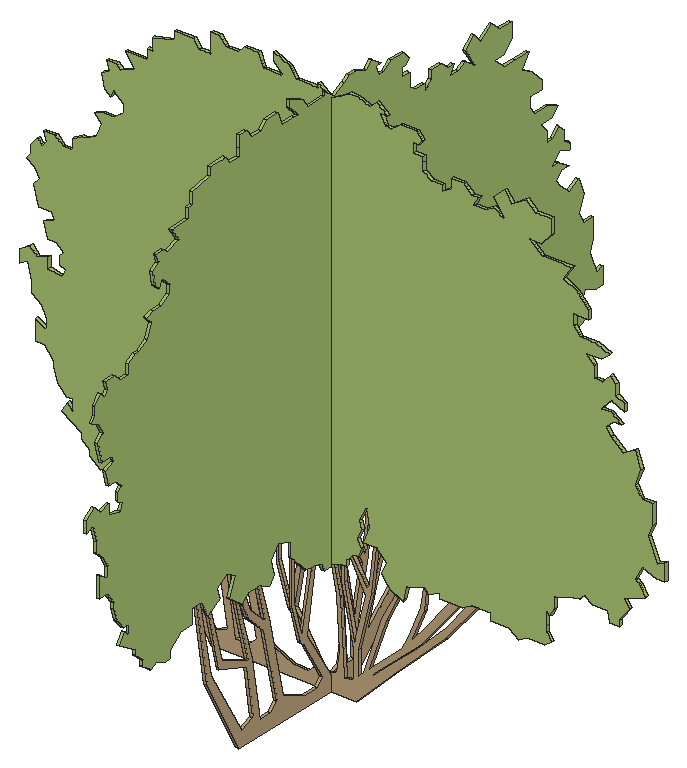
Revit family "L-PL낙엽관목_병꽃나무", category 수목, Revit 2019
Family settings
  OmniClass 번호 = 23.40.05.00
  OmniClass 제목 = Plants and Planting Products
  작업 기준면 기반 = 아니오
  항상 수직 = 예
  로드될 때 보이드를 사용하여 절단 = 아니오
  렌더 모양 소스 = 패밀리 형상
  공유 = 아니오
Parameters (values of type "병꽃나무")
  한국산업규격KS = ""
  조달청표준공사코드-세부공종 = "10161599202809"
  높이 = 1000 mm
  건설정보분류체계-부위분류 = "E985"
  LIM_INFO_주의사항 = "재배포, 재가공, 판매 금지"
  LIM_INFO_제작일 = "20211210"
  LIM_INFO_버전 = "2022_V01"
  LIM_INFO_PL_학명 = "Quercus myrsinaefolia Bl."
  LIM_INFO_PL_품명 = "가시나무"
  LIM_INFO_PL_주당인정수량 = 0
  LIM_INFO_PL_수목단위 = "주"
  LIM_INFO_PL_규격 = "5.0H X 18R"
  LIM_INFO_PL_구분 = "상록교목"
  LIM_INFO_PL_가격 = 0
  LIM_INFO_PL_Qty [instance] = 0
  LIM_INFO_PL_M2당수량 = 0
  KBIMS_식별-버전 = ""
  KBIMS_식별-bSK등록번호 = ""
  KBIMS_보급정보-저작자 = "림인포테크_MMJ"
  KBIMS_보급정보-보급코드 = ""
Reference planes
  plane 1 "중심(앞/뒤)": y = 0
  plane 2: z = 0
  plane 3 "중심(왼쪽/오른쪽)": x = 0
  plane 4: x = 482.5
  plane 5: x = -607.5
  plane 6: z = -545
  plane 7: z = -817.5
  plane 8: z = 5000
  plane 9: x = -100
  plane 10: x = 100
Dimensions and locks
  plane 4 to plane 5 = 1090 mm
  plane 6 to level = 545 mm
  plane 7 to plane 6 = 272.5 mm
  locked: level to plane 8 at 5000
  plane 9 to plane 10 = 200 mm
  aligned and locked: level to plane 2
Nested families
  nested 1: "병꽃나무_base" at (0, 0, 0), type "병꽃나무_base"
Definition of nested family "병꽃나무_base"
  Parameters (values of type "병꽃나무_base")
    Height = 6000 mm
  Reference planes
    plane 1 "중심(앞/뒤)": y = 0
    plane 2: z = 0
    plane 3 "중심(왼쪽/오른쪽)": x = 0
  Forms (mm)
    Revolve 1, solid, detail levels coarse
      sketch origin (0, 0, 0) x (1, 0, 0) y (0, 0, 1)
        loop
          line (0.01, 0) -> (0.01, 600) -> (-339.99, 600)
          arc (-339.99, 600) -> (-453.127, 553.137) -> (-499.99, 440) r 160
          line (-499.99, 440) -> (-499.99, 140)
          arc (-499.99, 140) -> (-476.558, 83.431) -> (-419.99, 60) r 80
          line (-419.99, 60) -> (-158.625, 60) -> (-158.625, 0) -> (0.01, 0)
        axis (0.01, 600) -> (0.01, 0)
      angle from 0 to 360
    Extrusion 2, solid, detail levels fine
      sketch origin (0, 0, 0) x (1, 0, 0) y (0, 0, 1)
        loop
          line (-315.022, 938.831) -> (-315.022, 917.963) -> (-323.815, 917.963) -> (-323.815, 899.841) -> (-362.836, 899.841) -> (-346.908, 875.686) -> (-371.25, 867.122) -> (-379.478, 873.974) -> (-396.963, 873.974) -> (-391.477, 858.215) -> (-405.534, 850.679) -> (-401.077, 825.329) -> (-390.449, 816.422) -> (-383.935, 829.097) -> (-367.136, 812.996) -> (-367.136, 798.951) -> (-384.621, 786.496) -> (-402.127, 786.496) -> (-418.24, 781.357) -> (-406.241, 768.682) -> (-415.497, 745.387) -> (-435.039, 734.768) -> (-442.239, 734.768) -> (-458.352, 726.203) -> (-458.352, 707.705) -> (-476.865, 707.705) -> (-489.55, 720.243) -> (-510, 720.243) -> (-505.214, 704.873) -> (-512.392, 694.968) -> (-520.938, 705.215) -> (-533.586, 690.186) -> (-533.586, 675.157) -> (-540.422, 665.935) -> (-525.391, 657.644) -> (-517.529, 640.907) -> (-528.468, 628.611) -> (-519.58, 594.454) -> (-496.336, 594.454) -> (-490.867, 583.183) -> (-509.325, 575.668) -> (-503.514, 549.259) -> (-486.764, 549.259) -> (-474.458, 536.962) -> (-481.978, 529.448) -> (-481.978, 515.444) -> (-471.04, 510.32) -> (-476.509, 497) -> (-502.146, 502.123) -> (-502.146, 520.567) -> (-520.947, 513.395) -> (-534.62, 527.399) -> (-552.395, 515.444) -> (-552.395, 493.925) -> (-539.213, 501.247) -> (-531.049, 472.426) -> (-531.049, 452.85) -> (-514.179, 439.255) -> (-505.471, 420.222) -> (-505.471, 402.821) -> (-523.948, 413.697) -> (-523.948, 377.674) -> (-507.621, 377.674) -> (-492.383, 356.467) -> (-492.383, 347.766) -> (-485.308, 324.383) -> (-469.526, 307.525) -> (-457.553, 307.525) -> (-457.553, 288.493) -> (-466.805, 299.369) -> (-478.234, 281.967) -> (-442.243, 259.566) -> (-442.243, 249.778) -> (-428.094, 236.727) -> (-428.094, 226.395) -> (-407.958, 211.713) -> (-394.896, 219.87) -> (-375.305, 211.169) -> (-365.509, 211.169) -> (-365.509, 223.676) -> (-342.107, 244.34) -> (-316.529, 244.34) -> (-316.529, 270.986) -> (-298.026, 270.986) -> (-280.611, 242.709) -> (-253.4, 258.479) -> (-261.563, 278.055) -> (-239.795, 293.281) -> (-218.57, 280.774) -> (-232.176, 248.691) -> (-203.332, 226.395) -> (-191.359, 241.621) -> (-165.781, 241.621) -> (-142.38, 230.202) -> (-132.584, 243.797) -> (-139.659, 270.442) -> (-124.421, 290.563) -> (-94.489, 280.774) -> (-94.489, 255.216) -> (-62.715, 221.351) -> (-29.171, 216.273) -> (-20.023, 201.038) -> (0.306, 201.038) -> (20.975, 211.533) -> (33.511, 211.533) -> (33.511, 222.706) -> (47.064, 234.894) -> (53.841, 234.894) -> (59.94, 248.436) -> (53.163, 263.333) -> (60.617, 279.245) -> (55.874, 294.142) -> (69.088, 317.502) -> (74.848, 288.048) -> (64.006, 259.609) -> (87.046, 259.609) -> (105.681, 242.342) -> (96.533, 222.706) -> (101.615, 213.226) -> (111.78, 201.715) -> (134.481, 190.881) -> (141.258, 217.289) -> (170.756, 226.621) -> (179.404, 217.98) -> (200.483, 227.701) -> (200.483, 217.98) -> (241.02, 217.98) -> (257.775, 227.701) -> (291.826, 227.701) -> (291.826, 215.279) -> (323.175, 215.279) -> (341.011, 202.318) -> (358.307, 210.419) -> (388.574, 210.419) -> (401.006, 219.6) -> (391.128, 231.482) -> (391.128, 241.203) -> (391.128, 264.636) -> (397.871, 259.92) -> (406.3, 274.407) -> (406.3, 293.273) -> (427.205, 301.022) -> (450.469, 305.739) -> (459.91, 314.835) -> (474.745, 304.391) -> (500.707, 304.391) -> (505.428, 286.872) -> (522.96, 286.872) -> (522.96, 296.979) -> (539.823, 319.99) -> (529.034, 334.477) -> (549.264, 342.562) -> (569.157, 349.637) -> (559.379, 365.472) -> (551.287, 373.558) -> (564.099, 395.119) -> (589.387, 387.034) -> (603.885, 387.034) -> (603.885, 417.355) -> (590.824, 412.122) -> (574.689, 450.817) -> (582.218, 470.164) -> (582.218, 505.097) -> (561.242, 505.097) -> (550.485, 524.444) -> (560.705, 551.316) -> (550.485, 580.337) -> (530.26, 567.759) -> (507.05, 587.516) -> (498.868, 599.289) -> (511.031, 611.994) -> (526.51, 611.994) -> (505.502, 625.804) -> (490.576, 625.804) -> (508.266, 644.586) -> (530.932, 634.643) -> (530.932, 647.348) -> (515.938, 655.778) -> (515.938, 674.007) -> (505.987, 683.95) -> (492.719, 669.588) -> (477.24, 669.588) -> (477.24, 690.027) -> (463.972, 704.941) -> (489.955, 704.941) -> (503.775, 717.094) -> (481.662, 727.037) -> (452.363, 727.037) -> (440.753, 741.952) -> (440.753, 759.628) -> (467.289, 759.628) -> (467.289, 775.648) -> (445.269, 798.336) -> (422.318, 810.684) -> (437.325, 833.617) -> (408.194, 833.617) -> (384.361, 833.617) -> (361.41, 853.022) -> (382.595, 853.022) -> (400.25, 872.427) -> (400.25, 898.888) -> (372.002, 898.888) -> (356.113, 913.883) -> (329.631, 897.124) -> (315.508, 914.765) -> (296.97, 897.124) -> (317.812, 865.804) -> (296.336, 880.11) -> (281.468, 871.857) -> (261.644, 871.857) -> (270.455, 887.263) -> (257.79, 887.263) -> (242.922, 900.469) -> (220.895, 900.469) -> (220.895, 884.512) -> (204.375, 874.058) -> (204.375, 884.512) -> (185.102, 884.512) -> (170.234, 894.416) -> (170.234, 908.722) -> (170.234, 918.076) -> (153.164, 918.076) -> (153.164, 933.483) -> (161.424, 933.483) -> (169.133, 942.286) -> (158.671, 954.941) -> (130.587, 954.941) -> (114.067, 943.387) -> (102.503, 943.387) -> (94.794, 960.444) -> (106.908, 960.444) -> (86.173, 975.075) -> (75.181, 963.543) -> (52.648, 972.329) -> (37.26, 972.329) -> (26.268, 964.092) -> (3.735, 953.109) -> (-18.248, 969.584) -> (-18.248, 962.445) -> (-56.169, 962.445) -> (-69.359, 979.468) -> (-97.388, 992.099) -> (-97.388, 977.821) -> (-80.351, 959.15) -> (-86.946, 959.15) -> (-116.073, 959.15) -> (-124.317, 981.665) -> (-149.598, 981.665) -> (-161.139, 970.133) -> (-182.573, 970.133) -> (-194.114, 984.411) -> (-210.052, 984.411) -> (-210.052, 963.543) -> (-210.052, 949.814) -> (-231.486, 949.814) -> (-241.928, 962.445) -> (-275.452, 962.445) -> (-275.452, 948.167) -> (-315.022, 938.831)
      from 0 to 5
    Extrusion 3, solid, detail levels fine
      sketch origin (0, 0, 0) x (1, 0, 0) y (0, 0, 1)
        loop
          line (-279.661, 243.248) -> (-255.98, 146.003) -> (-193.678, 122.586) -> (-181.103, 36.346) -> (-206.253, 25.494) -> (-275.413, 144.289) -> (-300.244, 270.986) -> (-306.566, 270.986) -> (-283.987, 134.009) -> (-211.275, 0) -> (51.275, 0) -> (117.793, 66.814) -> (211.484, 157.043) -> (268.792, 227.701) -> (257.775, 227.701) -> (248.238, 222.168) -> (211.94, 175.049) -> (160.494, 123.293) -> (81.361, 54.61) -> (167.455, 132.244) -> (236.098, 217.98) -> (217.265, 217.98) -> (166.755, 153.575) -> (151.006, 136.09) -> (172.306, 188.748) -> (176.679, 220.702) -> (171.077, 226.304) -> (165.988, 191.904) -> (143.524, 136.84) -> (132.291, 113.341) -> (74.35, 61.675) -> (104.888, 149.006) -> (126.907, 194.496) -> (120.767, 197.405) -> (96.464, 150.059) -> (63.118, 51.503) -> (54.694, 42.735) -> (54.694, 85.875) -> (77.86, 182.677) -> (86.773, 259.609) -> (81.074, 259.609) -> (71.893, 185.562) -> (44.551, 232.633) -> (39.715, 228.284) -> (66.628, 176.443) -> (48.025, 95.074) -> (29.772, 186.264) -> (29.772, 211.533) -> (24.507, 211.533) -> (24.507, 184.159) -> (44.866, 82.448) -> (44.866, 33.508) -> (29.6, 30.517) -> (21.958, 157.668) -> (11.48, 206.712) -> (6.107, 203.983) -> (15.597, 159.08) -> (21.252, 70.794) -> (14.536, 34.066) -> (-5.962, 28.063) -> (-59.437, 114.239) -> (-41.423, 218.128) -> (-48.595, 219.214) -> (-69.655, 117.075) -> (-88.388, 180.037) -> (-88.388, 248.714) -> (-92.056, 252.623) -> (-92.056, 175.512) -> (-72.942, 108.551) -> (-63.387, 100.336) -> (-23.071, 32.474) -> (-34.826, 20.017) -> (-64.391, 20.017) -> (-113.904, 43.152) -> (-144.522, 179.699) -> (-162.308, 239.927) -> (-165.781, 241.621) -> (-169.939, 241.621) -> (-153.668, 179.128) -> (-186.819, 211.111) -> (-196.304, 235.333) -> (-202.779, 227.098) -> (-192.535, 199.118) -> (-155.382, 164.85) -> (-127.375, 38.63) -> (-139.95, 26.066) -> (-165.099, 26.066) -> (-181.675, 130.011) -> (-211.668, 232.839) -> (-218.455, 238.085) -> (-192.535, 132.867) -> (-250.264, 156.854) -> (-274.405, 246.306) -> (-279.661, 243.248)
      from 0 to 5
    Extrusion 4, solid, detail levels fine
      sketch origin (0, 0, 0) x (0, 1, 0) y (0, 0, 1)
        loop
          line (-315.022, 938.831) -> (-315.022, 917.963) -> (-323.815, 917.963) -> (-323.815, 899.841) -> (-362.836, 899.841) -> (-346.908, 875.686) -> (-371.25, 867.122) -> (-379.478, 873.974) -> (-396.963, 873.974) -> (-391.477, 858.215) -> (-405.534, 850.679) -> (-401.077, 825.329) -> (-390.449, 816.422) -> (-383.935, 829.097) -> (-367.136, 812.996) -> (-367.136, 798.951) -> (-384.621, 786.496) -> (-402.127, 786.496) -> (-418.24, 781.357) -> (-406.241, 768.682) -> (-415.497, 745.387) -> (-435.039, 734.768) -> (-442.239, 734.768) -> (-458.352, 726.203) -> (-458.352, 707.705) -> (-476.865, 707.705) -> (-489.55, 720.243) -> (-510, 720.243) -> (-505.214, 704.873) -> (-512.392, 694.968) -> (-520.938, 705.215) -> (-533.586, 690.186) -> (-533.586, 675.157) -> (-540.422, 665.935) -> (-525.391, 657.644) -> (-517.529, 640.907) -> (-528.468, 628.611) -> (-519.58, 594.454) -> (-496.336, 594.454) -> (-490.867, 583.183) -> (-509.325, 575.668) -> (-503.514, 549.259) -> (-486.764, 549.259) -> (-474.458, 536.962) -> (-481.978, 529.448) -> (-481.978, 515.444) -> (-471.04, 510.32) -> (-476.509, 497) -> (-502.146, 502.123) -> (-502.146, 520.567) -> (-520.947, 513.395) -> (-534.62, 527.399) -> (-552.395, 515.444) -> (-552.395, 493.925) -> (-539.213, 501.247) -> (-531.049, 472.426) -> (-531.049, 452.85) -> (-514.179, 439.255) -> (-505.471, 420.222) -> (-505.471, 402.821) -> (-523.948, 413.697) -> (-523.948, 377.674) -> (-507.621, 377.674) -> (-492.383, 356.467) -> (-492.383, 347.766) -> (-485.308, 324.383) -> (-469.526, 307.525) -> (-457.553, 307.525) -> (-457.553, 288.493) -> (-466.805, 299.369) -> (-478.234, 281.967) -> (-442.243, 259.566) -> (-442.243, 249.778) -> (-428.094, 236.727) -> (-428.094, 226.395) -> (-407.958, 211.713) -> (-394.896, 219.87) -> (-375.305, 211.169) -> (-365.509, 211.169) -> (-365.509, 223.676) -> (-342.107, 244.34) -> (-316.529, 244.34) -> (-316.529, 270.986) -> (-298.026, 270.986) -> (-280.611, 242.709) -> (-253.4, 258.479) -> (-261.563, 278.055) -> (-239.795, 293.281) -> (-218.57, 280.774) -> (-232.176, 248.691) -> (-203.332, 226.395) -> (-191.359, 241.621) -> (-165.781, 241.621) -> (-142.38, 230.202) -> (-132.584, 243.797) -> (-139.659, 270.442) -> (-124.421, 290.563) -> (-94.489, 280.774) -> (-94.489, 255.216) -> (-62.715, 221.351) -> (-29.171, 216.273) -> (-20.023, 201.038) -> (0.306, 201.038) -> (20.975, 211.533) -> (33.511, 211.533) -> (33.511, 222.706) -> (47.064, 234.894) -> (53.841, 234.894) -> (59.94, 248.436) -> (53.163, 263.333) -> (60.617, 279.245) -> (55.874, 294.142) -> (69.088, 317.502) -> (74.848, 288.048) -> (64.006, 259.609) -> (87.046, 259.609) -> (105.681, 242.342) -> (96.533, 222.706) -> (101.615, 213.226) -> (111.78, 201.715) -> (134.481, 190.881) -> (141.258, 217.289) -> (170.756, 226.621) -> (179.404, 217.98) -> (200.483, 227.701) -> (200.483, 217.98) -> (241.02, 217.98) -> (257.775, 227.701) -> (291.826, 227.701) -> (291.826, 215.279) -> (323.175, 215.279) -> (341.011, 202.318) -> (358.307, 210.419) -> (388.574, 210.419) -> (401.006, 219.6) -> (391.128, 231.482) -> (391.128, 241.203) -> (391.128, 264.636) -> (397.871, 259.92) -> (406.3, 274.407) -> (406.3, 293.273) -> (427.205, 301.022) -> (450.469, 305.739) -> (459.91, 314.835) -> (474.745, 304.391) -> (500.707, 304.391) -> (505.428, 286.872) -> (522.96, 286.872) -> (522.96, 296.979) -> (539.823, 319.99) -> (529.034, 334.477) -> (549.264, 342.562) -> (569.157, 349.637) -> (559.379, 365.472) -> (551.287, 373.558) -> (564.099, 395.119) -> (589.387, 387.034) -> (603.885, 387.034) -> (603.885, 417.355) -> (590.824, 412.122) -> (574.689, 450.817) -> (582.218, 470.164) -> (582.218, 505.097) -> (561.242, 505.097) -> (550.485, 524.444) -> (560.705, 551.316) -> (550.485, 580.337) -> (530.26, 567.759) -> (507.05, 587.516) -> (498.868, 599.289) -> (511.031, 611.994) -> (526.51, 611.994) -> (505.502, 625.804) -> (490.576, 625.804) -> (508.266, 644.586) -> (530.932, 634.643) -> (530.932, 647.348) -> (515.938, 655.778) -> (515.938, 674.007) -> (505.987, 683.95) -> (492.719, 669.588) -> (477.24, 669.588) -> (477.24, 690.027) -> (463.972, 704.941) -> (489.955, 704.941) -> (503.775, 717.094) -> (481.662, 727.037) -> (452.363, 727.037) -> (440.753, 741.952) -> (440.753, 759.628) -> (467.289, 759.628) -> (467.289, 775.648) -> (445.269, 798.336) -> (422.318, 810.684) -> (437.325, 833.617) -> (408.194, 833.617) -> (384.361, 833.617) -> (361.41, 853.022) -> (382.595, 853.022) -> (400.25, 872.427) -> (400.25, 898.888) -> (372.002, 898.888) -> (356.113, 913.883) -> (329.631, 897.124) -> (315.508, 914.765) -> (296.97, 897.124) -> (317.812, 865.804) -> (296.336, 880.11) -> (281.468, 871.857) -> (261.644, 871.857) -> (270.455, 887.263) -> (257.79, 887.263) -> (242.922, 900.469) -> (220.895, 900.469) -> (220.895, 884.512) -> (204.375, 874.058) -> (204.375, 884.512) -> (185.102, 884.512) -> (170.234, 894.416) -> (170.234, 908.722) -> (170.234, 918.076) -> (153.164, 918.076) -> (153.164, 933.483) -> (161.424, 933.483) -> (169.133, 942.286) -> (158.671, 954.941) -> (130.587, 954.941) -> (114.067, 943.387) -> (102.503, 943.387) -> (94.794, 960.444) -> (106.908, 960.444) -> (86.173, 975.075) -> (75.181, 963.543) -> (52.648, 972.329) -> (37.26, 972.329) -> (26.268, 964.092) -> (3.735, 953.109) -> (-18.248, 969.584) -> (-18.248, 962.445) -> (-56.169, 962.445) -> (-69.359, 979.468) -> (-97.388, 992.099) -> (-97.388, 977.821) -> (-80.351, 959.15) -> (-86.946, 959.15) -> (-116.073, 959.15) -> (-124.317, 981.665) -> (-149.598, 981.665) -> (-161.139, 970.133) -> (-182.573, 970.133) -> (-194.114, 984.411) -> (-210.052, 984.411) -> (-210.052, 963.543) -> (-210.052, 949.814) -> (-231.486, 949.814) -> (-241.928, 962.445) -> (-275.452, 962.445) -> (-275.452, 948.167) -> (-315.022, 938.831)
      from 0 to 5
    Extrusion 5, solid, detail levels fine
      sketch origin (0, 0, 0) x (0, 1, 0) y (0, 0, 1)
        loop
          line (-279.661, 243.248) -> (-255.98, 146.003) -> (-193.678, 122.586) -> (-181.103, 36.346) -> (-206.253, 25.494) -> (-275.413, 144.289) -> (-300.244, 270.986) -> (-306.566, 270.986) -> (-283.987, 134.009) -> (-211.275, 0) -> (51.275, 0) -> (117.793, 66.814) -> (211.484, 157.043) -> (268.792, 227.701) -> (257.775, 227.701) -> (248.238, 222.168) -> (211.94, 175.049) -> (160.494, 123.293) -> (81.361, 54.61) -> (167.455, 132.244) -> (236.098, 217.98) -> (217.265, 217.98) -> (166.755, 153.575) -> (151.006, 136.09) -> (172.306, 188.748) -> (176.679, 220.702) -> (171.077, 226.304) -> (165.988, 191.904) -> (143.524, 136.84) -> (132.291, 113.341) -> (74.35, 61.675) -> (104.888, 149.006) -> (126.907, 194.496) -> (120.767, 197.405) -> (96.464, 150.059) -> (63.118, 51.503) -> (54.694, 42.735) -> (54.694, 85.875) -> (77.86, 182.677) -> (86.773, 259.609) -> (81.074, 259.609) -> (71.893, 185.562) -> (44.551, 232.633) -> (39.715, 228.284) -> (66.628, 176.443) -> (48.025, 95.074) -> (29.772, 186.264) -> (29.772, 211.533) -> (24.507, 211.533) -> (24.507, 184.159) -> (44.866, 82.448) -> (44.866, 33.508) -> (29.6, 30.517) -> (21.958, 157.668) -> (11.48, 206.712) -> (6.107, 203.983) -> (15.597, 159.08) -> (21.252, 70.794) -> (14.536, 34.066) -> (-5.962, 28.063) -> (-59.437, 114.239) -> (-41.423, 218.128) -> (-48.595, 219.214) -> (-69.655, 117.075) -> (-88.388, 180.037) -> (-88.388, 248.714) -> (-92.056, 252.623) -> (-92.056, 175.512) -> (-72.942, 108.551) -> (-63.387, 100.336) -> (-23.071, 32.474) -> (-34.826, 20.017) -> (-64.391, 20.017) -> (-113.904, 43.152) -> (-144.522, 179.699) -> (-162.308, 239.927) -> (-165.781, 241.621) -> (-169.939, 241.621) -> (-153.668, 179.128) -> (-186.819, 211.111) -> (-196.304, 235.333) -> (-202.779, 227.098) -> (-192.535, 199.118) -> (-155.382, 164.85) -> (-127.375, 38.63) -> (-139.95, 26.066) -> (-165.099, 26.066) -> (-181.675, 130.011) -> (-211.668, 232.839) -> (-218.455, 238.085) -> (-192.535, 132.867) -> (-250.264, 156.854) -> (-274.405, 246.306) -> (-279.661, 243.248)
      from 0 to 5
  Lines and regions (mm)
    symbolic lines
      curve 1: line (123.809, -310.777, 0) -> (155.422, -304.816, 0)
      curve 2: line (155.422, -304.816, 0) -> (214.13, -424.039, 0)
      curve 3: line (56.069, -263.088, 0) -> (101.229, -263.088, 0)
      curve 4: line (101.229, -263.088, 0) -> (182.518, -441.922, 0)
      curve 5: line (-178.998, -105.443, 0) -> (-210.611, -50.689, 0)
      curve 6: line (-210.611, -50.689, 0) -> (-446.465, -119.07, 0)
      curve 7: line (-269.009, -68.762, 0) -> (-289.331, -33.563, 0)
      curve 8: line (-289.331, -33.563, 0) -> (-457.426, -52.393, 0)
      curve 9: line (-193.202, -176.219, 0) -> (-170.622, -215.329, 0)
      curve 10: line (-170.622, -215.329, 0) -> (-284.853, -375.145, 0)
      curve 11: line (-403.89, -240.499, 0) -> (-145.68, -91.618, 0)
      curve 12: line (-145.68, -91.618, 0) -> (-127.701, -122.759, 0)
      curve 13: line (-127.701, -122.759, 0) -> (-350.663, -308.847, 0)
      curve 14: line (-115.539, -275.011, 0) -> (-183.279, -430.001, 0)
      curve 15: line (-200.632, -258.729, 0) -> (-179.663, -283.125, 0)
      curve 16: line (-179.663, -283.125, 0) -> (-253.559, -393.58, 0)
      curve 17: line (-243.8, -148.193, 0) -> (-264.175, -112.903, 0)
      curve 18: line (-264.175, -112.903, 0) -> (-425.178, -179.784, 0)
      curve 19: line (-310.935, -186.902, 0) -> (-322.256, -167.294, 0)
      curve 20: line (-322.256, -167.294, 0) -> (-414.534, -210.142, 0)
      curve 21: line (-327.408, -86.835, 0) -> (-323.539, -105.459, 0)
      curve 22: line (-323.539, -105.459, 0) -> (-438.726, -156.318, 0)
      curve 23: line (-216.766, -278.473, 0) -> (-225.798, -262.83, 0)
      curve 24: line (-225.798, -262.83, 0) -> (-327.436, -337.154, 0)
      curve 25: line (-235.149, -210.867, 0) -> (-241.276, -188.331, 0)
      curve 26: line (-241.276, -188.331, 0) -> (-382.922, -264.896, 0)
      curve 27: line (132.842, -334.622, 0) -> (114.777, -334.622, 0)
      curve 28: line (114.777, -334.622, 0) -> (128.326, -459.806, 0)
      curve 29: line (6.765, 172.076, 0) -> (6.765, 470.132, 0)
      curve 30: line (-29.193, 303.22, 0) -> (-24.677, 464.172, 0)
      curve 31: line (-29.193, 172.076, 0) -> (-78.869, 458.21, 0)
      curve 32: line (29.515, 362.831, 0) -> (38.547, 464.172, 0)
      curve 33: line (213.96, 251.172, 0) -> (192.992, 275.568, 0)
      curve 34: line (192.992, 275.568, 0) -> (266.888, 386.023, 0)
      curve 35: line (206.53, 168.663, 0) -> (183.95, 207.772, 0)
      curve 36: line (183.95, 207.772, 0) -> (298.181, 367.588, 0)
      curve 37: line (101.771, 327.065, 0) -> (83.708, 333.026, 0)
      curve 38: line (83.708, 333.026, 0) -> (97.255, 458.21, 0)
      curve 39: line (88.223, 267.454, 0) -> (128.868, 267.454, 0)
      curve 40: line (128.868, 267.454, 0) -> (196.608, 422.444, 0)
      curve 41: line (11.452, 207.842, 0) -> (74.675, 207.842, 0)
      curve 42: line (74.675, 207.842, 0) -> (133.383, 446.288, 0)
      curve 43: line (-101.449, 327.065, 0) -> (-114.997, 452.249, 0)
      curve 44: line (6.765, 285.337, 0) -> (47.58, 285.337, 0)
      curve 45: line (47.58, 285.337, 0) -> (70.16, 458.21, 0)
      curve 46: line (417.219, 232.942, 0) -> (159.094, 83.914, 0)
      curve 47: line (159.094, 83.914, 0) -> (141.029, 115.202, 0)
      curve 48: line (141.029, 115.202, 0) -> (363.991, 301.29, 0)
      curve 49: line (-51.773, 309.182, 0) -> (-29.193, 303.22, 0)
      curve 50: line (-42.741, 255.531, 0) -> (-87.901, 255.531, 0)
      curve 51: line (6.765, 172.076, 0) -> (-29.193, 172.076, 0)
      curve 52: line (192.326, 97.886, 0) -> (223.939, 43.132, 0)
      curve 53: line (223.939, 43.132, 0) -> (459.793, 111.513, 0)
      curve 54: line (340.736, 79.278, 0) -> (336.867, 97.902, 0)
      curve 55: line (336.867, 97.902, 0) -> (452.054, 148.761, 0)
      curve 56: line (282.337, 61.205, 0) -> (302.659, 26.006, 0)
      curve 57: line (302.659, 26.006, 0) -> (470.755, 44.836, 0)
      curve 58: line (248.477, 203.31, 0) -> (254.605, 180.774, 0)
      curve 59: line (254.605, 180.774, 0) -> (396.25, 257.339, 0)
      curve 60: line (324.294, 179.292, 0) -> (335.584, 159.737, 0)
      curve 61: line (335.584, 159.737, 0) -> (427.862, 202.585, 0)
      curve 62: line (257.181, 140.544, 0) -> (277.503, 105.346, 0)
      curve 63: line (277.503, 105.346, 0) -> (438.506, 172.227, 0)
      curve 64: line (230.094, 270.916, 0) -> (239.126, 255.273, 0)
      curve 65: line (239.126, 255.273, 0) -> (340.765, 329.597, 0)
      curve 66: line (6.765, 362.831, 0) -> (29.515, 362.831, 0)
      curve 67: line (-110.481, 303.22, 0) -> (-142.094, 297.259, 0)
      curve 68: line (-142.094, 297.259, 0) -> (-200.802, 416.482, 0)
      curve 69: line (-187.45, 202.47, 0) -> (-167.127, 237.669, 0)
      curve 70: line (-167.127, 237.669, 0) -> (-267.483, 373.828, 0)
      curve 71: line (-87.901, 255.531, 0) -> (-169.19, 434.365, 0)
      curve 72: line (187.54, -113.734, 0) -> (155.927, -168.488, 0)
      curve 73: line (155.927, -168.488, 0) -> (333.073, -338.554, 0)
      curve 74: line (-403.619, 233.412, 0) -> (-145.58, 84.236, 0)
      curve 75: line (-145.58, 84.236, 0) -> (-163.558, 53.096, 0)
      curve 76: line (-163.558, 53.096, 0) -> (-436.196, 153.142, 0)
      curve 77: line (-174.211, 106.177, 0) -> (-142.599, 160.931, 0)
      curve 78: line (-142.599, 160.931, 0) -> (-319.745, 330.997, 0)
      curve 79: line (-342.944, 52.37, 0) -> (-333.911, 68.014, 0)
      curve 80: line (-333.911, 68.014, 0) -> (-449.098, 118.873, 0)
      curve 81: line (-242.607, 83.09, 0) -> (-265.187, 43.98, 0)
      curve 82: line (-265.187, 43.98, 0) -> (-460.707, 62.999, 0)
      curve 83: line (-317.777, 48.27, 0) -> (-328.421, 17.912, 0)
      curve 84: line (-328.421, 17.912, 0) -> (-461.025, 26.681, 0)
      curve 85: line (-310.725, 179.708, 0) -> (-299.405, 199.316, 0)
      curve 86: line (-299.405, 199.316, 0) -> (-382.651, 257.808, 0)
      curve 87: line (-232.301, 244.009, 0) -> (-246.495, 231.345, 0)
      curve 88: line (-246.495, 231.345, 0) -> (-348.134, 305.67, 0)
      curve 89: line (-293.586, 102.093, 0) -> (-277.134, 118.668, 0)
      curve 90: line (-277.134, 118.668, 0) -> (-414.262, 203.054, 0)
      curve 91: line (-243.634, 140.922, 0) -> (-223.259, 176.213, 0)
      curve 92: line (-223.259, 176.213, 0) -> (-361.682, 282.204, 0)
      curve 93: line (-119.514, 327.065, 0) -> (-101.449, 327.065, 0)
      curve 94: line (255.936, -90.647, 0) -> (278.516, -51.537, 0)
      curve 95: line (278.516, -51.537, 0) -> (474.035, -70.556, 0)
      curve 96: line (331.105, -55.827, 0) -> (341.75, -25.469, 0)
      curve 97: line (341.75, -25.469, 0) -> (474.354, -34.238, 0)
      curve 98: line (200.778, -210.027, 0) -> (180.456, -245.226, 0)
      curve 99: line (180.456, -245.226, 0) -> (280.811, -381.385, 0)
      curve 100: line (416.948, -240.969, 0) -> (158.908, -91.793, 0)
      curve 101: line (158.908, -91.793, 0) -> (176.886, -60.653, 0)
      curve 102: line (176.886, -60.653, 0) -> (449.524, -160.699, 0)
      curve 103: line (356.272, -59.927, 0) -> (347.239, -75.571, 0)
      curve 104: line (347.239, -75.571, 0) -> (462.426, -126.43, 0)
      curve 105: line (306.914, -109.65, 0) -> (290.462, -126.225, 0)
      curve 106: line (290.462, -126.225, 0) -> (427.591, -210.611, 0)
      curve 107: line (256.963, -148.479, 0) -> (236.588, -183.77, 0)
      curve 108: line (236.588, -183.77, 0) -> (375.01, -289.761, 0)
      curve 109: line (245.629, -251.566, 0) -> (259.824, -238.902, 0)
      curve 110: line (259.824, -238.902, 0) -> (361.462, -313.227, 0)
      curve 111: line (324.053, -187.265, 0) -> (312.733, -206.873, 0)
      curve 112: line (312.733, -206.873, 0) -> (395.979, -265.365, 0)
      curve 113: line (65.101, -316.739, 0) -> (42.521, -310.777, 0)
      curve 114: line (42.521, -310.777, 0) -> (38.006, -471.728, 0)
      curve 115: line (6.393, -292.893, 0) -> (-34.251, -292.893, 0)
      curve 116: line (-34.251, -292.893, 0) -> (-56.831, -465.767, 0)
      curve 117: line (6.393, -370.388, 0) -> (-16.187, -370.388, 0)
      curve 118: line (-16.187, -370.388, 0) -> (-25.219, -471.728, 0)
      curve 119: line (-88.443, -334.622, 0) -> (-70.379, -340.583, 0)
      curve 120: line (-70.379, -340.583, 0) -> (-83.927, -465.767, 0)
      curve 121: line (6.393, -477.689, 0) -> (6.393, -179.633, 0)
      curve 122: line (6.393, -179.633, 0) -> (42.521, -179.633, 0)
      curve 123: line (42.521, -179.633, 0) -> (92.198, -465.767, 0)
      curve 124: line (1.877, -215.399, 0) -> (-61.347, -215.399, 0)
      curve 125: line (-61.347, -215.399, 0) -> (-120.055, -453.845, 0)
      curve 126: line (-74.895, -275.011, 0) -> (-115.539, -275.011, 0)
      curve 127: circle (0, 0.306, 0) r 30.71 normal (0, 0, 1)
  Dimensions and locks
    aligned and locked: level to plane 2
